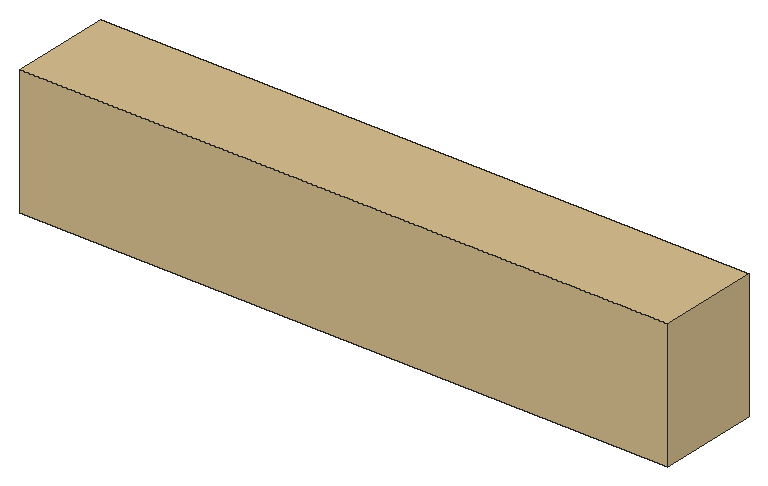
Revit family
Parameters (values of type "190X241")
  Start Extension Calculation [instance] = 3000 mm + Start Extension  # 3000 mm
  Start Extension [instance] = 0 mm
  Keynote = "G20"
  End Extension Calculation [instance] = 3000 mm + End Extension  # 3000 mm
  End Extension [instance] = 0 mm
  Beam Material [instance] = Wood - Dimensional Lumber
  A = 0.00 m²
  Ix = 0
  Iy = 0
  Length [instance] = 1524 mm
  Sx = 0
  Sy = 0
  b = 190 mm
  d = 241 mm
Types (3, lengths in mm): name | b | d
  (no name) | 190 | 241
  140X140 | 140 | 140
  190X241 | 190 | 241
Reference planes
  plane 1 "Center (Front/Back)": y = 0
  plane 2: z = 0
  plane 3 "Center (Left/Right)": x = 4.61
  plane 4 "Member Left": x = -604.99
  plane 5 "Member Right": x = 614.21
  plane 6: y = 95
  plane 7: y = -95
  plane 8: z = 120.5
  plane 9: z = -120.5
  plane 10 "Left": x = -757.39
  plane 11 "Stick Symbol Left": x = -452.59
  plane 12 "Stick Symbol Right": x = 461.81
  plane 13 "Right": x = 766.61
  plane 14: x = -604.99
  plane 15: x = 614.21
  plane 16: x = 2395.01
  plane 17: x = -2385.79
Forms (mm)
  Sweep 1, solid, material "Wood - Dimensional Lumber" <- "Beam Material", detail levels medium+fine
    path origin (0, 0, 0) x (1, 0, 0) y (0, 1, 0)
      loop
        line (614.21, 0) -> (-604.99, 0)
    profile "M_Rectangular Wood Beam-Profile : M_Rectangular Wood Beam-Profile" origin (4.61, 0, 0) x (0, -1, 0) y (0, 0, 1)
      loop
        line (-95, -120.5) -> (95, -120.5) -> (95, 120.5) -> (-95, 120.5) -> (-95, -120.5)
Lines and regions (mm)
  symbolic lines, style "Stick Symbols", detail levels coarse
    curve 1: line (4.61, 95, 120.5) -> (4.61, -95, 120.5)
    curve 2: line (4.61, -95, -120.5) -> (4.61, 95, -120.5)
    curve 3: line (4.61, -95, 120.5) -> (4.61, -95, -120.5)
    curve 4: line (4.61, 95, -120.5) -> (4.61, 95, 120.5)
Dimensions and locks
  "b": plane 6 to plane 7
  "d": plane 9 to plane 8
  equal spacing: plane 9, plane 2, plane 8
  equal spacing: plane 6, plane 1 "Center (Front/Back)", plane 7
  "Length": plane 10 "Left" to plane 13 "Right"
  locked: plane 4 "Member Left" to plane 16 at 3000
  locked: plane 17 to plane 5 "Member Right" at 3000
  "Start Extension Calculation": plane 14 to plane 16
  "End Extension Calculation": plane 17 to plane 15
  aligned and locked: Sweep 1 sketch curve to plane 1 "Center (Front/Back)"
  aligned and locked: curve 1 to Sweep 1
  aligned and locked: curve 2 to Sweep 1
  aligned and locked: curve 3 to Sweep 1
  aligned and locked: curve 4 to Sweep 1
  aligned and locked: plane 14 to Sweep 1 sketch curve
  aligned and locked: plane 15 to Sweep 1 sketch curve
